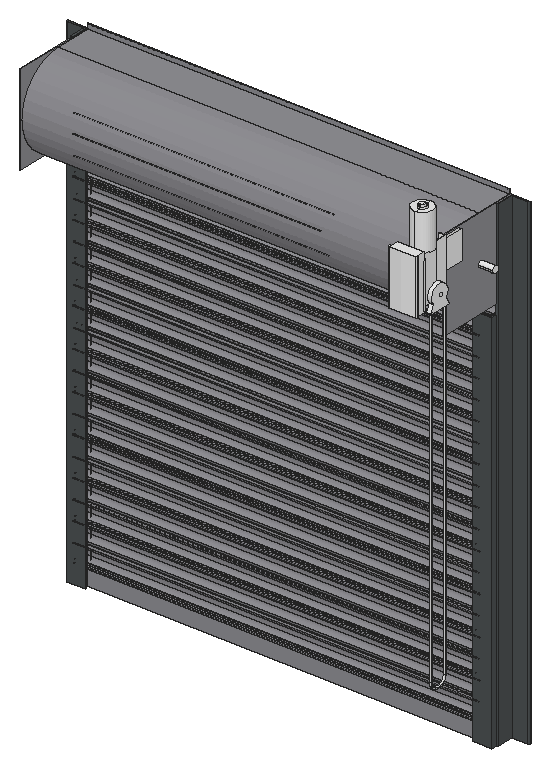
Revit family "EverGuard-Tornado-Resistant-Shelter-Door_OHD_Model-610F_compact", category Specialty Equipment, host Wall, Revit 2023 (continued)
Definition of nested family "610F"
  Forms (in)
    Extrusion 1, solid, material <- "Panel Material"
      sketch origin (0, -4.98186, 18.03575) x (0, 1, 0) y (0, 0, 1)
        loop
          arc (5.1038, -12.31108) -> (5.54348, -12.49551) -> (5.92872, -12.21459) r 0.4852
          arc (5.92872, -12.21459) -> (5.88398, -11.54724) -> (5.30212, -11.21741) r 0.70521
          arc (5.30212, -11.21741) -> (5.06799, -11.01281) -> (5.22797, -10.7462) r 0.24232
          arc (5.22797, -10.7462) -> (6.0686, -10.12901) -> (6.41479, -9.14527) r 1.76704
          arc (6.41479, -9.14527) -> (6.37372, -8.27547) -> (6.1844, -7.42553) r 5.06884
          arc (6.1844, -7.42553) -> (5.94264, -7.02466) -> (5.54432, -6.77873) r 0.99486
          arc (5.54432, -6.77873) -> (5.26621, -6.60372) -> (5.1038, -6.31807) r 0.67448
          arc (5.1038, -6.31807) -> (5.58774, -6.46687) -> (5.95602, -6.11945) r 0.50309
          arc (5.95602, -6.11945) -> (5.8503, -5.5103) -> (5.30212, -5.22441) r 0.69757
          arc (5.30212, -5.22441) -> (5.06799, -5.01981) -> (5.22797, -4.7532) r 0.24232
          arc (5.22797, -4.7532) -> (6.0686, -4.136) -> (6.41479, -3.15227) r 1.76704
          arc (6.41479, -3.15227) -> (6.37372, -2.28247) -> (6.1844, -1.43253) r 5.06884
          arc (6.1844, -1.43253) -> (5.94264, -1.03166) -> (5.54432, -0.78573) r 0.99486
          arc (5.54432, -0.78573) -> (5.26621, -0.61072) -> (5.1038, -0.32507) r 0.67448
          arc (5.1038, -0.32507) -> (5.96009, -0.08908) -> (5.14423, 0.26204) r 0.47069
          arc (5.14423, 0.26204) -> (4.98628, -0.3629) -> (5.42353, -0.83652) r 0.67657
          arc (5.42353, -0.83652) -> (5.86585, -1.12411) -> (6.11827, -1.58739) r 1.07588
          arc (6.11827, -1.58739) -> (6.26595, -2.36718) -> (6.3129, -3.15945) r 6.20586
          arc (6.3129, -3.15945) -> (6.00497, -4.09596) -> (5.20687, -4.67466) r 1.60144
          arc (5.20687, -4.67466) -> (4.98511, -5.03038) -> (5.29733, -5.31008) r 0.32578
          arc (5.29733, -5.31008) -> (5.67797, -5.45412) -> (5.8903, -5.80132) r 0.62781
          arc (5.8903, -5.80132) -> (5.53471, -5.58115) -> (5.14423, -5.73096) r 0.47069
          arc (5.14423, -5.73096) -> (4.98628, -6.35591) -> (5.42353, -6.82953) r 0.67657
          arc (5.42353, -6.82953) -> (5.86585, -7.11711) -> (6.11827, -7.5804) r 1.07588
          arc (6.11827, -7.5804) -> (6.26595, -8.36019) -> (6.3129, -9.15245) r 6.20586
          arc (6.3129, -9.15245) -> (6.00497, -10.08896) -> (5.20687, -10.66766) r 1.60144
          arc (5.20687, -10.66766) -> (4.98511, -11.02339) -> (5.29733, -11.30309) r 0.32578
          arc (5.29733, -11.30309) -> (5.67797, -11.44712) -> (5.8903, -11.79432) r 0.62781
          arc (5.8903, -11.79432) -> (5.53471, -11.57415) -> (5.14423, -11.72397) r 0.47069
          arc (5.14423, -11.72397) -> (4.98628, -12.34891) -> (5.42353, -12.82253) r 0.67657
          arc (5.42353, -12.82253) -> (5.86585, -13.11012) -> (6.11827, -13.5734) r 1.07588
          arc (6.11827, -13.5734) -> (6.26595, -14.35319) -> (6.3129, -15.14545) r 6.20586
      from -61.8125 to 61.8125
  Lines and regions (in)
    reference lines
      curve 1: line (0, -4.98186, 17.979) -> (0, 10.8957, 17.979)
  Dimensions and locks (in)
    equal spacing: plane 4, plane 3 "Center (Left/Right)", plane 5
    "Opening Width": plane 4 to plane 5
    "Slat Width": plane 1 "Center (Front/Back)" to plane 6
    equal spacing: plane 1 "Center (Front/Back)", plane 8, plane 6
    "Slat Position": curve 1 to level
    aligned and locked: plane 2 to level
    aligned and locked: plane 1 "Center (Front/Back)" to plane 7
    aligned and locked: plane 5 to Extrusion 1
    aligned and locked: plane 4 to Extrusion 1
  Automatic sketch dimensions
    plane 1 "Center (Front/Back)" to curve 1 = 4.98186"
    curve 1 to plane 6 = 9.4577"
    curve 1 to Extrusion 1 sketch curve = 0.10711"  (x3)
    Extrusion 1 sketch curve to Extrusion 1 sketch curve = 1.24265"  (x3)
    Extrusion 1 sketch curve to Extrusion 1 sketch curve = 3.29932"  (x3)
    Extrusion 1 sketch curve to Extrusion 1 sketch curve = 0.0624"  (x3)
    Extrusion 1 sketch curve to Extrusion 1 sketch curve = 0.42706"  (x3)
    Extrusion 1 sketch curve to Extrusion 1 sketch curve = 0.15937"  (x3)
    Extrusion 1 sketch curve to Extrusion 1 sketch curve = 0.04195"  (x2)
    curve 1 to Extrusion 1 sketch curve = 5.88083"
    Extrusion 1 sketch curve to Extrusion 1 sketch curve = 0.56597"
    Extrusion 1 sketch curve to Extrusion 1 sketch curve = 0.00942"
    Extrusion 1 sketch curve to Extrusion 1 sketch curve = 0.00958"  (x2)
    Extrusion 1 sketch curve to Extrusion 1 sketch curve = 0.02032"  (x2)
    Extrusion 1 sketch curve to Extrusion 1 sketch curve = 0.02049"
    Extrusion 1 sketch curve to Extrusion 1 sketch curve = 0.00028"  (x3)
    Extrusion 1 sketch curve to Extrusion 1 sketch curve = 0.18651"
    Extrusion 1 sketch curve to Extrusion 1 sketch curve = 0.20024"
    Extrusion 1 sketch curve to Extrusion 1 sketch curve = 0.00341"
    Extrusion 1 sketch curve to Extrusion 1 sketch curve = 0.25501"
    Extrusion 1 sketch curve to Extrusion 1 sketch curve = 0.01698"
    Extrusion 1 sketch curve to Extrusion 1 sketch curve = 0.20349"
    Extrusion 1 sketch curve to Extrusion 1 sketch curve = 0.15147"  (x3)
    Extrusion 1 sketch curve to Extrusion 1 sketch curve = 0.11169"  (x3)
    Extrusion 1 sketch curve to Extrusion 1 sketch curve = 0.03933"
    Extrusion 1 sketch curve to Extrusion 1 sketch curve = 0.07284"
    Extrusion 1 sketch curve to Extrusion 1 sketch curve = 0.08781"  (x2)
    Extrusion 1 sketch curve to Extrusion 1 sketch curve = 0.05163"  (x3)
    curve 1 to Extrusion 1 sketch curve = 7.6677"
    Extrusion 1 sketch curve to Extrusion 1 sketch curve = 0.12333"  (x3)
    Extrusion 1 sketch curve to curve 1 = 8.89176"
    Extrusion 1 sketch curve to Extrusion 1 sketch curve = 1.2289"  (x3)
    Extrusion 1 sketch curve to curve 1 = 9.06596"
    Extrusion 1 sketch curve to Extrusion 1 sketch curve = 0.06809"  (x3)
    Extrusion 1 sketch curve to Extrusion 1 sketch curve = 1.83037"  (x3)
    Extrusion 1 sketch curve to Extrusion 1 sketch curve = 0.00232"  (x3)
    Extrusion 1 sketch curve to Extrusion 1 sketch curve = 0.94498"
    Extrusion 1 sketch curve to Extrusion 1 sketch curve = 0.00814"
    Extrusion 1 sketch curve to Extrusion 1 sketch curve = 0.09114"
    Extrusion 1 sketch curve to Extrusion 1 sketch curve = 0.02917"
    Extrusion 1 sketch curve to Extrusion 1 sketch curve = 1.53525"  (x2)
    Extrusion 1 sketch curve to curve 1 = 14.88477"
    Extrusion 1 sketch curve to curve 1 = 15.05896"
    Extrusion 1 sketch curve to Extrusion 1 sketch curve = 0.93734"  (x2)
    Extrusion 1 sketch curve to Extrusion 1 sketch curve = 0.01577"  (x2)
    Extrusion 1 sketch curve to Extrusion 1 sketch curve = 0.12795"
    Extrusion 1 sketch curve to curve 1 = 3.07295"
    Extrusion 1 sketch curve to Extrusion 1 sketch curve = 0.17419"
    Extrusion 1 sketch curve to Extrusion 1 sketch curve = 0.13944"
    Extrusion 1 sketch curve to Extrusion 1 sketch curve = 0.17365"  (x2)
    Extrusion 1 sketch curve to Extrusion 1 sketch curve = 99/256"
    Extrusion 1 sketch curve to Extrusion 1 sketch curve = 0.14264"
    Extrusion 1 sketch curve to Extrusion 1 sketch curve = 0.34629"
    Extrusion 1 sketch curve to Extrusion 1 sketch curve = 0"  (x28)
    Extrusion 1 sketch curve to Extrusion 1 sketch curve = 0.14281"
    Extrusion 1 sketch curve to Extrusion 1 sketch curve = 0.10049"  (x3)
    Extrusion 1 sketch curve to Extrusion 1 sketch curve = 0.02111"  (x3)
    Extrusion 1 sketch curve to Extrusion 1 sketch curve = 0.12078"
    curve 1 to Extrusion 1 sketch curve = 6.72198"
Definition of nested family "Label Annotation 1"
  Parameters (values of type "Label Annotation 1-8")
    Label = "Area is too big. Please reduce Door Size."
  Reference planes (in)
    plane 1: y = 0
    plane 2: x = 0
  Text (in)
    label "Label" at (0.00375, -0.00345, 0), shows "Label"
Definition of nested family "Warning Sign"
  Parameters (values of type "Warning Sign")
    Warning Sign [instance] = no
    Default Elevation = 48"
  Reference planes (in)
    plane 1 "Center (Front/Back)": y = 0
    plane 2: z = 0
    plane 3 "Center (Left/Right)": x = 0
    plane 4: y = 0.5
    plane 5: y = -0.5
    plane 6: y = 1
    plane 7: y = 0.25
  Lines and regions (in)
    model lines
      curve 1: line (-2.26129, 1, 45.69444) -> (-26.3817, 1, 3.91667)
      curve 2: line (-25.25106, 1, 3.26389) -> (-1.13064, 1, 45.04167)
      curve 3: arc (2.26129, 1, 45.69444) -> (0, 1, 47) -> (-2.26129, 1, 45.69444) r 2.61111
      curve 4: arc (-1.13064, 1, 45.04167) -> (0, 1, 45.69444) -> (1.13064, 1, 45.04167) r 1.30556
      curve 5: line (1.13064, 1, 45.04167) -> (25.25106, 1, 3.26389)
      curve 6: line (26.3817, 1, 3.91667) -> (2.26129, 1, 45.69444)
      curve 7: arc (25.25106, 1, 3.26389) -> (25.25106, 1, 1.95833) -> (24.12041, 1, 1.30556) r 1.30556
      curve 8: arc (24.12041, 1, 0) -> (26.3817, 1, 1.30556) -> (26.3817, 1, 3.91667) r 2.61111
      curve 9: line (24.12041, 1, 1.30556) -> (-24.12041, 1, 1.30556)
      curve 10: line (-24.12041, 1, 0) -> (24.12041, 1, 0)
      curve 11: arc (-24.12041, 1, 1.30556) -> (-25.25106, 1, 1.95833) -> (-25.25106, 1, 3.26389) r 1.30556
      curve 12: arc (-26.3817, 1, 3.91667) -> (-26.3817, 1, 1.30556) -> (-24.12041, 1, 0) r 2.61111
      curve 13: arc (-2.29479, 1, 8.63537) -> (0, 1, 6.34057) -> (2.29479, 1, 8.63537) r 2.29479
      curve 14: arc (2.29479, 1, 8.63537) -> (0, 1, 10.93016) -> (-2.29479, 1, 8.63537) r 2.29479
      curve 15: arc (-1.6331, 1, 13.97069) -> (0.03439, 1, 12.53727) -> (1.69278, 1, 13.98121) r 1.68043
      curve 16: line (-3.77413, 1, 28.37873) -> (-1.6331, 1, 13.97069)
      curve 17: line (1.69278, 1, 13.98121) -> (3.73924, 1, 28.37873)
      curve 18: arc (3.73924, 1, 28.37873) -> (-0.01745, 1, 32.13541) -> (-3.77413, 1, 28.37873) r 3.75668
      curve 19: line (-2.26129, -0.5, 45.69444) -> (-26.3817, -0.5, 3.91667)
      curve 20: line (-25.25106, -0.5, 3.26389) -> (-1.13064, -0.5, 45.04167)
      curve 21: arc (2.26129, -0.5, 45.69444) -> (0, -0.5, 47) -> (-2.26129, -0.5, 45.69444) r 2.61111
      curve 22: arc (-1.13064, -0.5, 45.04167) -> (0, -0.5, 45.69444) -> (1.13064, -0.5, 45.04167) r 1.30556
      curve 23: line (1.13064, -0.5, 45.04167) -> (25.25106, -0.5, 3.26389)
      curve 24: line (26.3817, -0.5, 3.91667) -> (2.26129, -0.5, 45.69444)
      curve 25: arc (25.25106, -0.5, 3.26389) -> (25.25106, -0.5, 1.95833) -> (24.12041, -0.5, 1.30556) r 1.30556
      curve 26: arc (24.12041, -0.5, 0) -> (26.3817, -0.5, 1.30556) -> (26.3817, -0.5, 3.91667) r 2.61111
      curve 27: line (24.12041, -0.5, 1.30556) -> (-24.12041, -0.5, 1.30556)
      curve 28: line (-24.12041, -0.5, 0) -> (24.12041, -0.5, 0)
      curve 29: arc (-24.12041, -0.5, 1.30556) -> (-25.25106, -0.5, 1.95833) -> (-25.25106, -0.5, 3.26389) r 1.30556
      curve 30: arc (-26.3817, -0.5, 3.91667) -> (-26.3817, -0.5, 1.30556) -> (-24.12041, -0.5, 0) r 2.61111
      curve 31: arc (-2.29479, -0.5, 8.63537) -> (0, -0.5, 6.34057) -> (2.29479, -0.5, 8.63537) r 2.29479
      curve 32: arc (2.29479, -0.5, 8.63537) -> (0, -0.5, 10.93016) -> (-2.29479, -0.5, 8.63537) r 2.29479
      curve 33: arc (-1.6331, -0.5, 13.97069) -> (0.03439, -0.5, 12.53727) -> (1.69278, -0.5, 13.98121) r 1.68043
      curve 34: line (-3.77413, -0.5, 28.37873) -> (-1.6331, -0.5, 13.97069)
      curve 35: line (1.69278, -0.5, 13.98121) -> (3.73924, -0.5, 28.37873)
      curve 36: arc (3.73924, -0.5, 28.37873) -> (-0.01745, -0.5, 32.13541) -> (-3.77413, -0.5, 28.37873) r 3.75668
  Dimensions and locks (in)
    locked: plane 1 "Center (Front/Back)" to plane 4 at 0.5
    equal spacing: plane 1 "Center (Front/Back)", plane 7, plane 4
    locked: plane 4 to plane 6 at 0.5
    locked: plane 5 to plane 1 "Center (Front/Back)" at 0.5
    aligned and locked: plane 2 to level
  Automatic sketch dimensions
    curve 21 to curve 22 = 0"  (x2)
    curve 25 to curve 26 = 0"  (x2)
    curve 29 to curve 30 = 0"  (x2)
    curve 31 to curve 32 = 0"  (x2)
    curve 21 to plane 3 "Center (Left/Right)" = 0"
    curve 31 to plane 3 "Center (Left/Right)" = 0"
    curve 30 to level = 0"
    level to curve 27 = 1.30556"
    curve 26 to curve 27 = 1.30556"
    curve 29 to curve 27 = 1.30556"
    curve 23 to curve 25 = 0.65278"
    curve 20 to curve 29 = 0.65278"
    curve 24 to curve 23 = 0.65278"
    curve 19 to curve 20 = 0.65278"
    level to curve 32 = 8.63537"
    curve 34 to plane 3 "Center (Left/Right)" = 1.6331"
    curve 34 to curve 31 = 5.33532"
    plane 3 "Center (Left/Right)" to curve 35 = 1.69278"
    curve 35 to curve 34 = 0.01052"
    plane 3 "Center (Left/Right)" to curve 33 = 0.02908"
    curve 36 to plane 3 "Center (Left/Right)" = 0.01745"
    curve 36 to curve 33 = 14.16104"
    curve 22 to curve 36 = 16.01016"
    plane 3 "Center (Left/Right)" to curve 23 = 1.13064"
    curve 23 to curve 21 = 0.65278"
    curve 20 to plane 3 "Center (Left/Right)" = 1.13064"
    plane 3 "Center (Left/Right)" to curve 24 = 2.26129"
    curve 24 to curve 22 = 0.65278"
    curve 19 to plane 3 "Center (Left/Right)" = 2.26129"
    curve 34 to curve 36 = 3.75668"
    curve 30 to plane 3 "Center (Left/Right)" = 24.12041"
    plane 3 "Center (Left/Right)" to curve 25 = 24.12041"
    curve 31 to curve 31 = 2.29479"
    curve 3 to curve 4 = 0"  (x2)
    curve 7 to curve 8 = 0"  (x2)
    curve 11 to curve 12 = 0"  (x2)
    curve 13 to curve 14 = 0"  (x2)
    curve 3 to plane 3 "Center (Left/Right)" = 0"
    curve 13 to plane 3 "Center (Left/Right)" = 0"
    curve 12 to level = 0"
    level to curve 9 = 1.30556"
    curve 8 to curve 9 = 1.30556"
    curve 11 to curve 9 = 1.30556"
    curve 5 to curve 7 = 0.65278"
    curve 2 to curve 11 = 0.65278"
    curve 6 to curve 5 = 0.65278"
    curve 1 to curve 2 = 0.65278"
    level to curve 14 = 8.63537"
    curve 16 to plane 3 "Center (Left/Right)" = 1.6331"
    curve 16 to curve 13 = 5.33532"
    plane 3 "Center (Left/Right)" to curve 17 = 1.69278"
    curve 17 to curve 16 = 0.01052"
    plane 3 "Center (Left/Right)" to curve 15 = 0.02908"
    curve 18 to plane 3 "Center (Left/Right)" = 0.01745"
    curve 18 to curve 15 = 14.16104"
    curve 4 to curve 18 = 16.01016"
    plane 3 "Center (Left/Right)" to curve 5 = 1.13064"
    curve 5 to curve 3 = 0.65278"
    curve 2 to plane 3 "Center (Left/Right)" = 1.13064"
    plane 3 "Center (Left/Right)" to curve 6 = 2.26129"
    curve 6 to curve 4 = 0.65278"
    curve 1 to plane 3 "Center (Left/Right)" = 2.26129"
    curve 16 to curve 18 = 3.75668"
    curve 12 to plane 3 "Center (Left/Right)" = 24.12041"
    plane 3 "Center (Left/Right)" to curve 7 = 24.12041"
    curve 13 to curve 13 = 2.29479"
Types (7): name | Voltage | Number of Poles | Apparent Load Phase 3 | Apparent Load Phase 2 | Apparent Load Phase 1
  115 volts, one phase, 60 Hz (110-120V range) | 115 V | 1 | 0 VA | 0 VA | 2300 VA
  230 volts, three phase, 60 Hz (208-245V range) | 230 V | 3 | 2655.81 VA | 2655.81 VA | 2655.81 VA
  230 volts, single phase, 60 Hz (208-245V range) | 230 V | 1 | 0 VA | 0 VA | 4600 VA
  460 volts, three phase, 60 Hz (456-495V range) | 460 V | 3 | 5311.62 VA | 5311.62 VA | 5311.62 VA
  208 volts, one phase, 60 Hz (190-207V range) | 208 V | 1 | 0 VA | 0 VA | 4160 VA
  208 volts, three phase, 60 Hz (190-207V range) | 208 V | 3 | 2401.78 VA | 2401.78 VA | 2401.78 VA
  575 volts, three phase, 60 Hz | 575 V | 3 | 6639.53 VA | 6639.53 VA | 6639.53 VA
